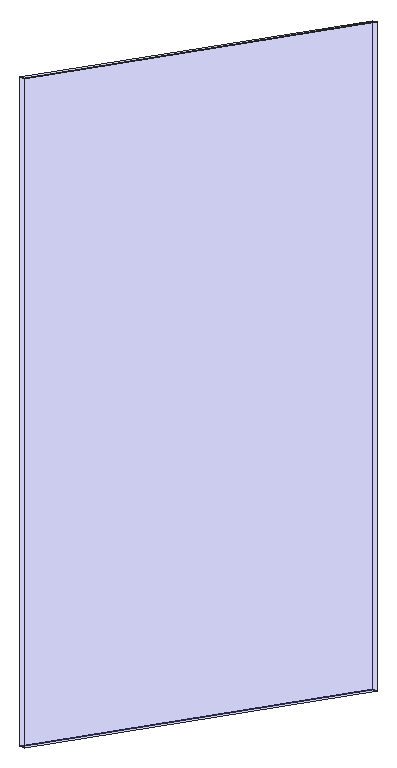
Revit family "d84ad41dc6974892a0053964c7ae8c3b", category Balusters, Revit 2021
Family settings
  OmniClass Number = 23.30.80.11.11.11
  OmniClass Title = Infill Panels
  Seek Item ID = Baluster Panel - Glass-0000-USA-ENU
  Always vertical = Yes
  Cut with Voids When Loaded = No
  Shared = No
Parameters (values of type "24" w 1" Side Gap")
  built-in parameter 1008623 [instance] = (empty or 0)
  Thickness [instance] = 0' - 0 1/4"
  built-in parameter 1008625 [instance] = 18.00°
  Post = no
  Panel Top Gap = 0' - 0"
  Panel Material = Glass
  Width [instance] = 2' - 0"
  Panel Side Gap = 0' - 1"
  Panel Bottom Gap = 0' - 0"
  built-in parameter 1008624 [instance] = (empty or 0)
  built-in parameter 1008622 [instance] = 2' - 6"
Types (4): name | Panel Top Gap | Width | Panel Side Gap | Panel Bottom Gap
  (no name) | 0' - 0" | 2' - 0" | 0' - 1" | 0' - 0"
  24" w 1" Side Gap | 0' - 0" | 2' - 0" | 0' - 1" | 0' - 0"
  18" w 1" Side Gap | 0' - 0" | 1' - 6" | 0' - 1" | 0' - 0"
  24" w 1" Top & Bottom Gap | 0' - 1" | 2' - 0" | 0' - 0" | 0' - 1"
Reference planes (in)
  plane 1 "Center (Front/Back)": y = 0
  plane 2: z = 0
  plane 3 "Center (Left/Right)": x = 0.125
  plane 4 "Top": z = 30
  plane 5 "Slope Angle (Top)": through (0, 8.81678, 27.13525) normal (0, -0.309, -0.9511)
  plane 6 "Slope Angle (Bottom)": through (0, 0, 0) normal (0, -0.309, -0.9511)
  plane 7 "Front": y = 12
  plane 8 "Back": y = -12
  plane 9: x = 0
  plane 10: x = 0.25
Forms (in)
  Extrusion 1, solid, material "Glass" <- "Panel Material"
    sketch origin (0.125, 0, 0) x (0, 1, 0) y (0, 0, 1)
      loop
        line (11, -3.57412) -> (11, 26.42588) -> (-11, 33.57412) -> (-11, 3.57412) -> (11, -3.57412)
    from -0.125 to 0.125
Lines and regions (in)
  model lines, style "InvisibleLines"
    curve 1: line (0.125, 12, 26.10096) -> (0.125, -12, 33.89904)
    curve 2: line (0.125, 12, -3.89904) -> (0.125, -12, 3.89904)
    curve 3: line (0.125, 11, -3.57412) -> (0.125, 11, 26.42588)
    curve 4: line (0.125, -11, 3.57412) -> (0.125, -11, 33.57412)
Text (in)
  text "Baluster Panel Elevation" at (0, 50.35978, 48.5925), in view "Left"
Dimensions and locks (in)
  "built-in parameter 1008622": plane 2 to plane 4 "Top"
  "Width": plane 8 "Back" to plane 7 "Front"
  equal spacing: plane 8 "Back", plane 1 "Center (Front/Back)", plane 7 "Front"
  "Thickness": plane 9 to plane 10
  equal spacing: plane 9, plane 3 "Center (Left/Right)", plane 10
  "Panel Top Gap": curve 1 to plane 5 "Slope Angle (Top)"  (x2)
  "Panel Bottom Gap": plane 6 "Slope Angle (Bottom)" to curve 2  (x2)
  "Panel Side Gap": plane 7 "Front" to curve 3  (x2)
  "Panel Side Gap": curve 4 to plane 8 "Back"  (x2)
  "built-in parameter 1008625": angle plane 4 "Top" to plane 5 "Slope Angle (Top)"
  "built-in parameter 1008625": angle level to plane 6 "Slope Angle (Bottom)"
  aligned and locked: plane 9 to Extrusion 1
  aligned and locked: Extrusion 1 to plane 10
  aligned and locked: plane 8 "Back" to curve 2
  aligned and locked: plane 7 "Front" to curve 2
  aligned and locked: plane 5 "Slope Angle (Top)" to curve 4
  aligned and locked: plane 6 "Slope Angle (Bottom)" to curve 4
  aligned and locked: plane 5 "Slope Angle (Top)" to curve 3
  aligned and locked: plane 6 "Slope Angle (Bottom)" to curve 3
  aligned and locked: curve 1 to Extrusion 1 sketch curve
  aligned and locked: Extrusion 1 sketch curve to curve 2
  aligned and locked: Extrusion 1 sketch curve to curve 4
  aligned and locked: curve 3 to Extrusion 1 sketch curve
Automatic sketch dimensions
  curve 1 to plane 7 "Front" = 0' - 0"
  curve 1 to plane 8 "Back" = 0' - 0"
